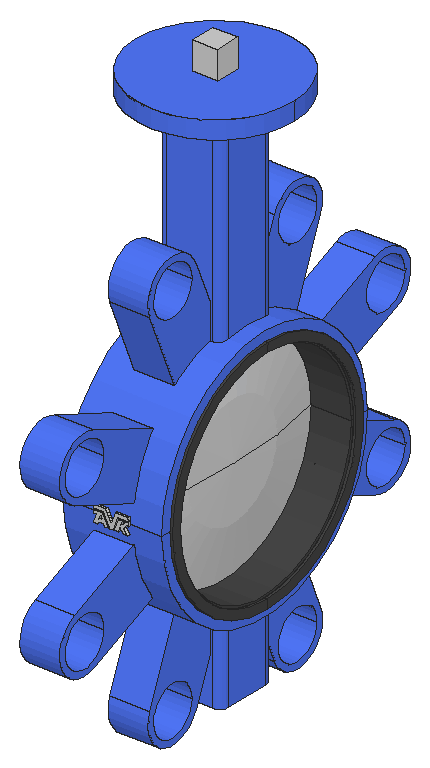
Revit family "820-10-028-DN80-150", category Pipe Accessories, Revit 2022
Family settings
  Round Connector Dimension = Use Diameter
  Part Type = Valve - Breaks Into
  Work Plane-Based = No
  Always vertical = Yes
  Cut with Voids When Loaded = No
  Shared = No
Parameters (values of type "DN125_PN10/16")
  fillet = 2 * Body_wallthickness  # 20 mm
  disk = LUG_T * 0.7  # 15.68 mm
  Rubber_R = (Body_wallthickness / 2) + ID  # 67.5 mm
  Lug_D1 = Lug_D * 1.75  # 30.625 mm
  W2_ref = size_lookup(Search_table, "W2", 0 mm, DN)  # 195 mm
  URL product pages = "https://www.avkvalves.com/P.aspx?no= 820008010521L0160002"
  Search_table = "820-10-028-DN80-150"
  PCD = size_lookup(Search_table, "PCD", 0 mm, DN) / 2  # 110 mm
  Lug_D = (Hole_dia / 2) * 1.25  # 17.5 mm
  L_ref_3 = L_ref / 1.2  # 30 mm
  L_ref_2 = L_ref * 2  # 72 mm
  L_ref = L - (Flange_thickness * 2)  # 36 mm
  LUG_T = L * 0.4  # 22.4 mm
  L2 = size_lookup(Search_table, "L2", 0 mm, DN) / 2  # 124 mm
  L = size_lookup(Search_table, "L", 0 mm, DN)  # 56 mm
  ID = DN / 2  # 62.5 mm
  Hole_l = L2 - Lug_D  # 106.5 mm
  Hole_dia = size_lookup(Search_table, "Hole_dia", 0 mm, DN)  # 28 mm
  H2 = size_lookup(Search_table, "H2", 0 mm, DN)  # 116 mm
  Flange_thickness = size_lookup(Search_table, "Flange_Thickness", 0 mm, DN)  # 10 mm
  F2 = size_lookup(Search_table, "F2", 0 mm, DN)  # 16 mm
  F = size_lookup(Search_table, "F", 0 mm, DN)  # 14 mm
  EPDM = ID - 1 mm  # 61.5 mm
  Description_ = "AVK CENTRIC BUTTERFLY VALVE LUG TYPE, PN10/16"
  Default Elevation = 0 mm
  DN = 125 mm
  Body_wallthickness = 10 mm  # constant formula
  DN150_PN10/16 = "820-0150-10-521L0160002"
  DN125_PN10/16 = "820-0125-10-521L0160002"
  DN100_PN10/16 = "820-0100-10-521L0160002"
  DN080_PN10/16 = "820-0080-10-521L0160002"
  Actuator_Dia = size_lookup(Search_table, "Actuator_Dia", 0 mm, DN)  # 90 mm
  2 = 2 mm  # constant formula
Types (5, lengths in mm): name | disk | Rubber_R | Lug_D1 | W2_ref | PCD | Lug_D | L_ref_3 | L_ref_2 | L_ref | LUG_T | L2 | L | ID | Hole_l | Hole_dia | H2 | F2 | F | EPDM | DN | Actuator_Dia
  (no name) | 15.68 | 67.5 | 30.625 | 195 | 110 | 17.5 | 30 | 72 | 36 | 22.4 | 124 | 56 | 62.5 | 106.5 | 28 | 116 | 16 | 14 | 61.5 | 125 | 90
  DN080_PN10/16 | 12.88 | 45 | 20.781 | 160 | 80 | 11.875 | 21.667 | 52 | 26 | 18.4 | 94 | 46 | 40 | 82.125 | 19 | 88 | 12 | 11 | 39 | 80 | 65
  DN150_PN10/16 | 15.68 | 80 | 30.625 | 210 | 125 | 17.5 | 30 | 72 | 36 | 22.4 | 137 | 56 | 75 | 119.5 | 28 | 128 | 16 | 14 | 74 | 150 | 90
  DN125_PN10/16 | 15.68 | 67.5 | 30.625 | 195 | 110 | 17.5 | 30 | 72 | 36 | 22.4 | 124 | 56 | 62.5 | 106.5 | 28 | 116 | 16 | 14 | 61.5 | 125 | 90
  DN100_PN10/16 | 14.56 | 55 | 25.156 | 180 | 95 | 14.375 | 26.667 | 64 | 32 | 20.8 | 109.5 | 52 | 50 | 95.125 | 23 | 102 | 12 | 11 | 49 | 100 | 90
Reference planes
  plane 1 "Center (Front/Back)": y = 0
  plane 2: z = 0
  plane 3 "Center (Left/Right)": x = 0
  plane 4: z = 195
  plane 5: z = -116
  plane 6: y = 18
  plane 7: x = -18
  plane 8: y = -18
  plane 9: x = 18
  plane 10: x = -13
  plane 11: x = 13
  plane 12: y = -13
  plane 13: y = -13
  plane 14: x = -13
  plane 15: x = 13
  plane 16: y = 13
  plane 17: y = 13
  plane 18: z = 211
  plane 19: z = 62.5
  plane 20: z = -62.5
  plane 21: y = -124
  plane 22: y = 124
  plane 23: x = -28
  plane 24: x = 28
  plane 25: through (0, 0, 0) normal (0, 0.9239, 0.3827)
  plane 26: x = -11.2
  plane 27: x = 11.2
  plane 28: through (0, 0, 0) normal (0, 0.9239, -0.3827)
  plane 29: through (0, 0, 0) normal (0, 0.3827, 0.9239)
  plane 30: through (0, 0, 0) normal (0, -0.3827, 0.9239)
  plane 31: x = -7
  plane 32: x = 7
  plane 33: through (0, 0, 0) normal (0, 0.3827, 0.9239)
  plane 34: x = -45
  plane 35: x = 45
Forms (mm)
  Revolve 1, solid, material "Plastic"
    sketch origin (0, 0, 0) x (1, 0, 0) y (0, 1, 0)
      loop
        line (-28, 72.5) -> (-28, 62.5) -> (28, 62.5) -> (28, 72.5) -> (-28, 72.5)
      axis (-28, 0) -> (28, 0)
    angle from 0 to 360
  Extrusion 2, solid, material "Plastic"
    sketch origin (0, 0, 0) x (1, 0, 0) y (0, 1, 0)
      loop
        arc (-13, 18) -> (-16.536, 16.536) -> (-18, 13) r 5
        line (-18, 13) -> (-18, -13)
        arc (-18, -13) -> (-16.536, -16.536) -> (-13, -18) r 5
        line (-13, -18) -> (13, -18)
        arc (13, -18) -> (16.536, -16.536) -> (18, -13) r 5
        line (18, -13) -> (18, 13)
        arc (18, 13) -> (16.536, 16.536) -> (13, 18) r 5
        line (13, 18) -> (-13, 18)
    from -116 to 185
  Extrusion 3, solid, material "Plastic"
    sketch origin (0, 0, 0) x (1, 0, 0) y (0, 1, 0)
      loop
        circle (0, 0) r 45
    from 185 to 195
  Extrusion 4, solid, material "Stainless Steel AISI 304"
    sketch origin (0, 0, 0) x (1, 0, 0) y (0, 1, 0)
      loop
        line (-7, 7) -> (-7, -7) -> (7, -7) -> (7, 7) -> (-7, 7)
    from 195 to 211
  Revolve 5, void
    sketch origin (0, 0, 0) x (1, 0, 0) y (0, 1, 0)
      loop
        line (-28, 62.5) -> (-28, 0) -> (28, 0) -> (28, 62.5) -> (-28, 62.5)
      axis (-28, 0) -> (28, 0)
    angle from 0 to 360
  Extrusion 6, solid, material "Plastic"
    sketch origin (0, 0, 0) x (0, 1, 0) y (0, 0, 1)
      loop
        arc (-27.946, 113.197) -> (-50.811, 122.668) -> (-60.282, 99.803) r 17.5
        line (-60.282, 99.803) -> (27.946, -113.197)
        arc (27.946, -113.197) -> (50.811, -122.668) -> (60.282, -99.803) r 17.5
        line (60.282, -99.803) -> (-27.946, 113.197)
      loop
        circle (-44.114, 106.5) r 14
      loop
        circle (44.114, -106.5) r 14
    from -11.2 to 11.2
  Extrusion 7, solid, material "Plastic"
    sketch origin (0, 0, 0) x (0, -1, 0) y (0, 0, -1)
      loop
        line (-27.946, -113.197) -> (60.282, 99.803)
        arc (60.282, 99.803) -> (50.811, 122.668) -> (27.946, 113.197) r 17.5
        line (27.946, 113.197) -> (-60.282, -99.803)
        arc (-60.282, -99.803) -> (-50.811, -122.668) -> (-27.946, -113.197) r 17.5
      loop
        circle (-44.114, -106.5) r 14
      loop
        circle (44.114, 106.5) r 14
    from -11.2 to 11.2
  Extrusion 8, solid, material "Plastic"
    sketch origin (0, 0, 0) x (0, 1, 0) y (0, 0, 1)
      loop
        line (113.197, -27.946) -> (-99.803, 60.282)
        arc (-99.803, 60.282) -> (-122.668, 50.811) -> (-113.197, 27.946) r 17.5
        line (-113.197, 27.946) -> (99.803, -60.282)
        arc (99.803, -60.282) -> (122.668, -50.811) -> (113.197, -27.946) r 17.5
      loop
        circle (-106.5, 44.114) r 14
      loop
        circle (106.5, -44.114) r 14
    from -11.2 to 11.2
  Extrusion 9, solid, material "Plastic"
    sketch origin (0, 0, 0) x (0, 1, 0) y (0, 0, 1)
      loop
        arc (113.197, 27.946) -> (122.668, 50.811) -> (99.803, 60.282) r 17.5
        line (99.803, 60.282) -> (-113.197, -27.946)
        arc (-113.197, -27.946) -> (-122.668, -50.811) -> (-99.803, -60.282) r 17.5
        line (-99.803, -60.282) -> (113.197, 27.946)
      loop
        circle (-106.5, -44.114) r 14
      loop
        circle (106.5, 44.114) r 14
    from 11.2 to -11.2
  Extrusion 10, void
    sketch origin (0, 0, 0) x (0, -1, 0) y (0, 0, 1)
      loop
        circle (0, 0) r 62.5
    from -28 to 28
  Revolve 11, solid, material "Stainless Steel AISI 304"
    sketch origin (0, 0, 0) x (1, 0, 0) y (0, 1, 0)
      loop
        line (-11.2, 0) -> (11.2, 0)
        arc (11.2, 0) -> (10.152, 31.499) -> (4.48, 62.5) r 213.539
        line (4.48, 62.5) -> (-4.48, 62.5)
        arc (-4.48, 62.5) -> (-10.152, 31.499) -> (-11.2, 0) r 213.539
      axis (11.2, 0) -> (-11.2, 0)
    angle from 0 to 360
  Revolve 12, solid, material "Default Wall"
    sketch origin (0, 0, 0) x (1, 0, 0) y (0, 1, 0)
      loop
        line (-28, 62.5) -> (-28, 61.5) -> (28, 61.5) -> (28, 62.5) -> (-28, 62.5)
      axis (28, 0) -> (-28, 0)
    angle from 0 to 360
  Revolve 13, solid, material "Default Wall"
    sketch origin (0, 0, 0) x (1, 0, 0) y (0, 0, 1)
      loop
        line (28, 67.5) -> (28, 62.5) -> (30, 62.5) -> (30, 67.5) -> (28, 67.5)
      loop
        line (-30, 67.5) -> (-30, 62.5) -> (-28, 62.5) -> (-28, 67.5) -> (-30, 67.5)
      axis (30, 0) -> (-30, 0)
    angle from 0 to 360
Cuts and joins
  Revolve 5, Extrusion 10 cuts Revolve 1
  Revolve 5, Extrusion 10 cuts Extrusion 2
  Extrusion 10 cuts Extrusion 6
  Extrusion 10 cuts Extrusion 7
  Extrusion 10 cuts Extrusion 8
  Extrusion 10 cuts Extrusion 9
Dimensions and locks
  equal spacing: Revolve 1 sketch curve, plane 3 "Center (Left/Right)", Revolve 1 sketch curve
  "ID": plane 1 "Center (Front/Back)" to Revolve 1 sketch curve
  "Body_wallthickness": Revolve 1 sketch curve to Revolve 1 sketch curve
  "W2_ref": plane 4 to level
  "H2": level to plane 5
  locked: plane 7 to plane 10 at 5
  locked: plane 11 to plane 9 at 5
  locked: plane 6 to plane 16 at 5
  locked: plane 12 to plane 8 at 5
  locked: plane 15 to plane 9 at 5
  locked: plane 7 to plane 14 at 5
  locked: plane 13 to plane 8 at 5
  locked: plane 17 to plane 6 at 5
  equal spacing: plane 7, plane 3 "Center (Left/Right)", plane 9
  "L_ref": plane 7 to plane 9
  equal spacing: plane 6, plane 1 "Center (Front/Back)", plane 8
  "L_ref": plane 6 to plane 8
  "Flange_thickness": plane 4 to Extrusion 3
  "F2": plane 18 to plane 4
  equal spacing: plane 19, level, plane 20
  "ID": plane 19 to level
  "L2": plane 1 "Center (Front/Back)" to plane 21
  equal spacing: plane 22, plane 1 "Center (Front/Back)", plane 21
  plane 18 to plane 4 = 16 mm
  equal spacing: Extrusion 4 sketch curve, plane 3 "Center (Left/Right)", Extrusion 4 sketch curve
  equal spacing: Extrusion 4 sketch curve, plane 1 "Center (Front/Back)", Extrusion 4 sketch curve
  "F": Extrusion 4 sketch curve to Extrusion 4 sketch curve  (x2)
  equal spacing: plane 24, plane 3 "Center (Left/Right)", plane 23
  "L": plane 24 to plane 23
  equal spacing: Revolve 5 sketch curve, plane 3 "Center (Left/Right)", Revolve 5 sketch curve
  "L": Revolve 5 sketch curve to Revolve 5 sketch curve
  "ID": plane 1 "Center (Front/Back)" to Revolve 5 sketch curve
  "L": Revolve 1 sketch curve to Revolve 1 sketch curve
  "Flange_thickness": plane 4 to cut or joined group of Extrusion 2, Revolve 5, Extrusion 10
  equal spacing: plane 23, Extrusion 3 sketch curve, plane 24
  equal spacing: plane 21, Extrusion 3 sketch curve, plane 22
  equal spacing: Extrusion 6 sketch curve, plane 25, Extrusion 6 sketch curve  (x3)
  "Lug_D": Extrusion 6 sketch curve to plane 25
  "L2": Extrusion 6 sketch curve to level
  "L2": level to Extrusion 6 sketch curve
  equal spacing: Extrusion 6, plane 3 "Center (Left/Right)", Extrusion 6
  equal spacing: plane 27, plane 3 "Center (Left/Right)", plane 26
  "LUG_T": plane 27 to plane 26
  equal spacing: Extrusion 7 sketch curve, plane 28, Extrusion 7 sketch curve  (x3)
  "Lug_D": Extrusion 7 sketch curve to plane 28
  Extrusion 7 to Extrusion 7 = 22.4 mm
  "L2": Extrusion 7 sketch curve to level
  "L2": level to Extrusion 7 sketch curve
  equal spacing: Extrusion 7, plane 3 "Center (Left/Right)", Extrusion 7
  "Lug_D": Extrusion 8 sketch curve to plane 29
  equal spacing: Extrusion 8 sketch curve, plane 29, Extrusion 8 sketch curve  (x3)
  "L2": plane 1 "Center (Front/Back)" to Extrusion 8 sketch curve
  "L2": Extrusion 8 sketch curve to plane 1 "Center (Front/Back)"
  "Lug_D": Extrusion 9 sketch curve to plane 30
  equal spacing: Extrusion 9 sketch curve, plane 30, Extrusion 9 sketch curve  (x3)
  "L2": Extrusion 9 sketch curve to plane 1 "Center (Front/Back)"
  "L2": plane 1 "Center (Front/Back)" to Extrusion 9 sketch curve
  equal spacing: Extrusion 8, plane 3 "Center (Left/Right)", Extrusion 8
  equal spacing: Extrusion 9, plane 3 "Center (Left/Right)", Extrusion 9
  "LUG_T": plane 26 to Revolve 11 sketch curve
  "LUG_T": Revolve 11 sketch curve to plane 27
  equal spacing: Revolve 11 sketch curve, plane 3 "Center (Left/Right)", Revolve 11 sketch curve
  "disk": plane 26 to Revolve 11 sketch curve
  equal spacing: Revolve 12 sketch curve, plane 3 "Center (Left/Right)", Revolve 12 sketch curve
  "EPDM": plane 1 "Center (Front/Back)" to Revolve 12 sketch curve
  "ID": plane 1 "Center (Front/Back)" to Revolve 12 sketch curve
  "ID": plane 1 "Center (Front/Back)" to Revolve 11 sketch curve
  equal spacing: plane 24, nested 1, plane 23
  plane 22 to plane 21 = 248 mm
  plane 24 to plane 23 = 56 mm
  equal spacing: plane 32, plane 3 "Center (Left/Right)", plane 31
  "F": plane 32 to plane 31
  equal spacing: plane 35, plane 3 "Center (Left/Right)", plane 34
  "Actuator_Dia": plane 35 to plane 34
  equal spacing: Revolve 13 sketch curve, plane 3 "Center (Left/Right)", Revolve 13 sketch curve  (x2)
  "Rubber_R": level to Revolve 13 sketch curve
  "2": Revolve 13 sketch curve to plane 24
  "ID": level to Revolve 13 sketch curve
  "Actuator_Dia": diameter of Extrusion 3 sketch curve
  "Hole_dia": diameter of Extrusion 7 sketch curve  (x2)
  "Hole_dia": diameter of Extrusion 6 sketch curve  (x2)
  "Hole_dia": diameter of Extrusion 9 sketch curve  (x2)
  "Hole_dia": diameter of Extrusion 8 sketch curve  (x2)
  angle plane 25 to plane 1 "Center (Front/Back)" = 22.50°
  angle plane 1 "Center (Front/Back)" to plane 28 = 22.50°
  angle level to plane 33 = 22.50°
  aligned and locked: level to plane 2
  aligned and locked: plane 1 "Center (Front/Back)" to Revolve 1 sketch curve
  aligned and locked: plane 11 to Extrusion 2 sketch curve
  aligned and locked: plane 6 to Extrusion 2 sketch curve  (x2)
  aligned and locked: plane 16 to Extrusion 2 sketch curve
  aligned and locked: plane 9 to Extrusion 2 sketch curve  (x2)
  aligned and locked: plane 12 to Extrusion 2 sketch curve
  aligned and locked: plane 8 to Extrusion 2 sketch curve  (x2)
  aligned and locked: plane 15 to Extrusion 2 sketch curve
  aligned and locked: plane 14 to Extrusion 2 sketch curve
  aligned and locked: plane 7 to Extrusion 2 sketch curve  (x2)
  aligned and locked: plane 13 to Extrusion 2 sketch curve
  aligned and locked: plane 17 to Extrusion 2 sketch curve
  aligned and locked: plane 10 to Extrusion 2 sketch curve
  aligned and locked: Extrusion 2 to plane 5
  aligned and locked: Extrusion 3 to plane 4
  aligned and locked: plane 18 to Extrusion 4
  aligned and locked: plane 4 to Extrusion 4
  aligned and locked: Revolve 5 sketch curve to plane 1 "Center (Front/Back)"
  aligned and locked: plane 1 "Center (Front/Back)" to Revolve 5 sketch curve
  aligned and locked: Extrusion 6 to plane 27
  aligned and locked: Extrusion 7 to plane 27
  aligned and locked: Extrusion 8 to plane 26
  aligned and locked: Extrusion 9 to plane 26
  aligned and locked: Extrusion 10 sketch curve to cut or joined group of Revolve 1, Revolve 5, Extrusion 10  (x2)
  aligned and locked: Extrusion 10 to Revolve 1  (x2)
  aligned and locked: Revolve 11 sketch curve to plane 1 "Center (Front/Back)"
  aligned and locked: plane 23 to Revolve 12 sketch curve
  aligned and locked: Revolve 12 sketch curve to plane 1 "Center (Front/Back)"
  aligned and locked: Revolve 13 sketch curve to Revolve 13 sketch curve  (x2)
  aligned and locked: Revolve 13 sketch curve to plane 24
  aligned and locked: Revolve 13 sketch curve to level
Automatic sketch dimensions
  Revolve 1 sketch curve to plane 23 = 0 mm
  Revolve 1 sketch curve to plane 24 = 0 mm
  Revolve 5 sketch curve to plane 34 = 51.109 mm
  plane 35 to Revolve 5 sketch curve = 75.109 mm
  Extrusion 6 sketch curve to Extrusion 6 sketch curve = 0 mm  (x3)
  Extrusion 7 sketch curve to Extrusion 7 sketch curve = 0 mm  (x3)
  Extrusion 8 sketch curve to Extrusion 8 sketch curve = 0 mm  (x3)
  Extrusion 9 sketch curve to Extrusion 9 sketch curve = 0 mm  (x3)
  Revolve 11 sketch curve to plane 23 = 0 mm
  plane 1 "Center (Front/Back)" to Revolve 11 sketch curve = 0 mm
  Revolve 11 sketch curve to plane 1 "Center (Front/Back)" = 8.671 mm  (x2)
  Revolve 11 sketch curve to plane 34 = 14.768 mm
  plane 35 to Revolve 12 sketch curve = 46.506 mm
  Revolve 12 sketch curve to Revolve 12 sketch curve = 12.301 mm
  Revolve 13 sketch curve to plane 34 = 24.552 mm
  plane 35 to Revolve 13 sketch curve = 16.39 mm
Nested families
  nested 1: "Latest New 3" at (0, -72.296, -5.435) x (1, 0, 0) z (0, -0.9972, -0.075), type "Latest New 3"
Connectors
  piping at (28, 0, 0), diameter 125, driven by "DN"
    settings: on Revolve 1, index 1, connector inside diameter 609.6 mm, connector length 0 mm, flow factor 0, pipe flow 0.0 L/s, pressure drop 0.0 Pa, fitting loss kfactor 0, connector angle 0.00°, fixture units 0, engagement length 0 mm, angle of deflection 0.00°, flow configuration 0, flow direction 0, fitting loss method 0, system type 7, joint type 0, gender type 0, connector reference index -1, connector utility 0, adjustable connector no, is connector primary yes, connector description ""
  piping at (-28, 0, 0), diameter 125, driven by "DN"
    settings: on cut or joined group of Revolve 1, Revolve 5, Extrusion 10, index 2, connector inside diameter 609.6 mm, connector length 0 mm, flow factor 0, pipe flow 0.0 L/s, pressure drop 0.0 Pa, fitting loss kfactor 0, connector angle 0.00°, fixture units 0, engagement length 0 mm, angle of deflection 0.00°, flow configuration 0, flow direction 0, fitting loss method 0, system type 7, joint type 0, gender type 0, connector reference index -1, connector utility 0, adjustable connector no, is connector primary no, connector description ""
Definition of nested family "Latest New 3"
  Parameters
    Default Elevation = 1219.2 mm
  Reference planes
    plane 1 "Center (Front/Back)": y = 0
    plane 2: z = 0
    plane 3 "Center (Left/Right)": x = 0
  Forms (mm)
    Extrusion 1, solid
      sketch origin (0, 0, 0) x (1, 0, 0) y (0, 1, 0)
        loop
          line (-1219.2, 1219.2) -> (-1219.2, -1219.2) -> (1219.2, -1219.2) -> (1219.2, 1219.2) -> (-1219.2, 1219.2)
      from 0 to -304.8
    Extrusion 2, solid
      sketch origin (0, 0, 0) x (1, 0, 0) y (0, 1, 0)
        loop
          line (-2.683, 9.413) -> (-9.884, 9.413) -> (-9.884, 7.46) -> (-4.022, 7.46) -> (-0.985, 0) -> (0.985, 0) -> (4.022, 7.46) -> (9.884, 7.46) -> (9.884, 9.413) -> (2.683, 9.413) -> (0, 2.824) -> (-2.683, 9.413)
        loop
          line (-4.528, 6.707) -> (-9.884, 6.707) -> (-9.884, 4.824) -> (-8.032, 4.824) -> (-9.884, 0) -> (-7.792, 0) -> (-7.394, 1.035) -> (-4.328, 1.035) -> (-3.907, 0) -> (-1.798, 0) -> (-4.528, 6.707)
        loop
          line (-6.91, 2.824) -> (-5.056, 2.824) -> (-6.01, 5.167) -> (-6.91, 2.824)
        loop
          line (1.798, 0) -> (3.907, 0) -> (4.98, 2.637) -> (6.968, 0) -> (9.413, 0) -> (7.166, 2.983)
          arc (7.166, 2.983) -> (8.216, 3.774) -> (9.007, 4.824) r 4.724
          line (9.007, 4.824) -> (9.884, 4.824) -> (9.884, 6.707) -> (8.001, 6.707)
          arc (8.001, 6.707) -> (7.315, 5.008) -> (5.642, 4.261) r 2.448
          line (5.642, 4.261) -> (6.637, 6.707) -> (4.528, 6.707) -> (1.798, 0)
      from 0 to 1
  Dimensions and locks
    aligned and locked: plane 2 to Extrusion 1
    aligned and locked: level to Extrusion 1
    aligned and locked: Extrusion 2 sketch curve to import instance  (x30)
